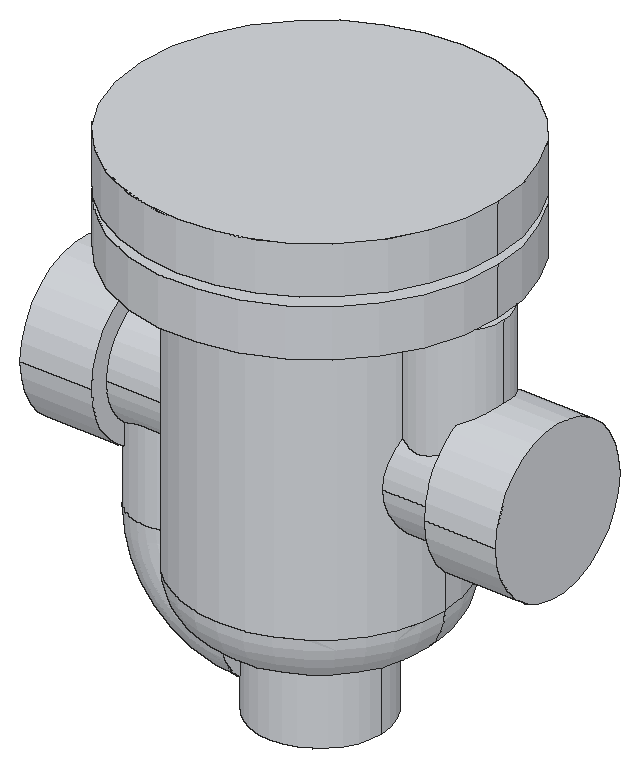
Revit family "KC FP Inline Component - PLACEHOLDER", category Pipe Accessories, Revit 2027
Family settings
  Round Connector Dimension = Use Radius
  Part Type = Valve - Breaks Into
  Work Plane-Based = No
  Always vertical = Yes
  Cut with Voids When Loaded = No
  Shared = No
Parameters (values of type "CV - Control valve 1-1/4in (locked open/supervised)")
  Type Comments = "PLACEHOLDER - NFPA 13D control valve; lock or supervision per AHJ"
  Socket Radius = Socket Diameter / 2  # 0' - 0 13/16"
  Socket Diameter = Nominal Diameter * 1.3  # 0' - 1 5/8"
  Radius 6 = Radius 2 - Radius 1  # 0' - 0 13/16"
  Radius 5 = Radius 2 * 1.1  # 0' - 1.44375"
  Radius 4 = Radius 2 - 0' 0 1/4" - Radius 1  # 0' - 0 9/16"
  Radius 3 = Bucket Diameter / 4  # 0' - 0 21/32"
  Radius 2 = Bucket Diameter / 2  # 0' - 1 5/16"
  Radius 1 = Nominal Radius * 0.8  # 0' - 0 1/2"
  Pressure Drop [instance] = 7.252 psi
  Overall Length = 0' - 5"
  Overall Height = 0' - 5 7/16"
  Nominal Radius = 5/8"
  Nominal Diameter = Nominal Radius * 2  # 1 1/4"
  Length 2 = 0.7071 * Bucket Radius  # 0' - 0.92807"
  Length 1 = Bucket Radius - Radius 4  # 0' - 0 3/4"
  Inverted Bucket Steam Trap Material = none
  Height 1 = (0' 0 1/4" + Radius 1) * 1.1  # 0' - 0.825"
  Default Elevation = 0' - 0"
  Connector Offset = 0' - 2 3/4"
  Bucket Radius = Bucket Diameter / 2  # 0' - 1 5/16"
  Bucket Diameter = Body Diameter * 0.7  # 0' - 2 5/8"
  Body Radius = Body Diameter / 2  # 0' - 1 7/8"
  Body Diameter = 0' - 3 3/4"
Types (9): name | Type Comments | Socket Radius | Socket Diameter | Radius 6 | Radius 5 | Radius 4 | Radius 3 | Radius 2 | Radius 1 | Overall Length | Overall Height | Nominal Radius | Nominal Diameter | Length 2 | Length 1 | Height 1 | Connector Offset | Bucket Radius | Bucket Diameter | Body Radius | Body Diameter
  CV - Control valve 1-1/4in (locked open/supervised) | "PLACEHOLDER - NFPA 13D control valve; lock or supervision per AHJ" | 0' - 0 13/16" | 0' - 1 5/8" | 0' - 0 13/16" | 0' - 1.44375" | 0' - 0 9/16" | 0' - 0 21/32" | 0' - 1 5/16" | 0' - 0 1/2" | 0' - 5" | 0' - 5 7/16" | 5/8" | 1 1/4" | 0' - 0.92807" | 0' - 0 3/4" | 0' - 0.825" | 0' - 2 3/4" | 0' - 1 5/16" | 0' - 2 5/8" | 0' - 1 7/8" | 0' - 3 3/4"
  BFP - Backflow preventer 1-1/4in dual check | "PLACEHOLDER - CSA B64.10 / BCPC; DuC vs DCVA per municipality" | 0' - 0 13/16" | 0' - 1 5/8" | 0' - 0 13/16" | 0' - 1.44375" | 0' - 0 9/16" | 0' - 0 21/32" | 0' - 1 5/16" | 0' - 0 1/2" | 0' - 5" | 0' - 5 7/16" | 5/8" | 1 1/4" | 0' - 0.92807" | 0' - 0 3/4" | 0' - 0.825" | 0' - 2 3/4" | 0' - 1 5/16" | 0' - 2 5/8" | 0' - 1 7/8" | 0' - 3 3/4"
  PG - Pressure gauge 1-1/4in | "PLACEHOLDER - NFPA 13D pressure gauge" | 0' - 0 13/16" | 0' - 1 5/8" | 0' - 0 13/16" | 0' - 1.44375" | 0' - 0 9/16" | 0' - 0 21/32" | 0' - 1 5/16" | 0' - 0 1/2" | 0' - 5" | 0' - 5 7/16" | 5/8" | 1 1/4" | 0' - 0.92807" | 0' - 0 3/4" | 0' - 0.825" | 0' - 2 3/4" | 0' - 1 5/16" | 0' - 2 5/8" | 0' - 1 7/8" | 0' - 3 3/4"
  FS - Waterflow switch 1-1/4in | "PLACEHOLDER - flow switch; interconnect to smoke alarms per AHJ" | 0' - 0 13/16" | 0' - 1 5/8" | 0' - 0 13/16" | 0' - 1.44375" | 0' - 0 9/16" | 0' - 0 21/32" | 0' - 1 5/16" | 0' - 0 1/2" | 0' - 5" | 0' - 5 7/16" | 5/8" | 1 1/4" | 0' - 0.92807" | 0' - 0 3/4" | 0' - 0.825" | 0' - 2 3/4" | 0' - 1 5/16" | 0' - 2 5/8" | 0' - 1 7/8" | 0' - 3 3/4"
  CKV - Check valve 1-1/2in spring (DCW) | "PLACEHOLDER - spring check valve, 1-1/2in, flow upward" | 0' - 0.975" | 0' - 1.95" | 0' - 0.45" | 0' - 1.155" | 0' - 0.2" | 0' - 0.525" | 0' - 1.05" | 0' - 0.6" | 0' - 5" | 0' - 4" | 3/4" | 1 1/2" | 0' - 0.74245" | 0' - 0.85" | 0' - 0.935" | 0' - 2 1/2" | 0' - 1.05" | 0' - 2.1" | 0' - 1 1/2" | 0' - 3"
  BV - Ball valve 1-1/2in full port (DCW) | "PLACEHOLDER - full-port ball valve, 1-1/2in" | 0' - 0.975" | 0' - 1.95" | 0' - 0.45" | 0' - 1.155" | 0' - 0.2" | 0' - 0.525" | 0' - 1.05" | 0' - 0.6" | 0' - 4" | 0' - 4" | 3/4" | 1 1/2" | 0' - 0.74245" | 0' - 0.85" | 0' - 0.935" | 0' - 2" | 0' - 1.05" | 0' - 2.1" | 0' - 1 1/2" | 0' - 3"
  CP-01 Condensate pump 120V - PLACEHOLDER | "PLACEHOLDER - HRV condensate pump (e.g. 120 V mini pump with safety switch); plugs into REC-HRV; replace with manufacturer family." | 0' - 0.325" | 0' - 0.65" | 0' - 1.2" | 0' - 1.54" | 0' - 0.95" | 0' - 0.7" | 0' - 1.4" | 0' - 0.2" | 0' - 6" | 0' - 6" | 1/4" | 1/2" | 0' - 0.98994" | 0' - 0.45" | 0' - 0.495" | 0' - 3" | 0' - 1.4" | 0' - 2.8" | 0' - 2" | 0' - 4"
  TPV - T&P relief valve 3/4in, 150 psi / 99 C (CSA 4.4 / ANSI Z21.22) - PLACEHOLDER | "PLACEHOLDER - NFPA 13D control valve; lock or supervision per AHJ" | 0' - 0.4875" | 0' - 0.975" | 0' - 0.575" | 0' - 0.9625" | 0' - 0.325" | 0' - 0 7/16" | 0' - 0 7/8" | 0' - 0.3" | 0' - 3 1/2" | 0' - 4" | 3/8" | 3/4" | 0' - 0.61871" | 0' - 0.55" | 0' - 0.605" | 0' - 1 3/4" | 0' - 0 7/8" | 0' - 1 3/4" | 0' - 1 1/4" | 0' - 2 1/2"
  DT - Drain and test valve 1-1/4in (1in drain) | "PLACEHOLDER - NFPA 13D drain & test; discharge to floor drain with air gap" | 0' - 0 13/16" | 0' - 1 5/8" | 0' - 0 13/16" | 0' - 1.44375" | 0' - 0 9/16" | 0' - 0 21/32" | 0' - 1 5/16" | 0' - 0 1/2" | 0' - 5" | 0' - 5 7/16" | 5/8" | 1 1/4" | 0' - 0.92807" | 0' - 0 3/4" | 0' - 0.825" | 0' - 2 3/4" | 0' - 1 5/16" | 0' - 2 5/8" | 0' - 1 7/8" | 0' - 3 3/4"
Reference planes (in)
  plane 1 "Center (Front/Back)": y = 0
  plane 2: z = 0
  plane 3 "Center (Left/Right)": x = 0
  plane 4: z = -2.75
  plane 5: z = -1.925
  plane 6: z = -1.3625
  plane 7: z = 2.6875
  plane 8: z = 2.1875
  plane 9: z = 2.09375
  plane 10: z = 1.59375
  plane 11: x = -1.3125
  plane 12: x = 1.3125
  plane 13: x = 0.75
  plane 14: z = -1.30625
  plane 15: x = -1.4375
  plane 16: x = -0.625
  plane 17: x = -2.5
  plane 18: x = 2.5
  plane 19: x = -1.75
  plane 20: x = 1.75
  plane 21: x = 1.4375
  plane 22: x = -0.92807
  plane 23: x = 0.92807
Forms (in)
  Extrusion 1, solid, material <- "Inverted Bucket Steam Trap Material", detail levels fine
    sketch origin (0, 0, 0) x (1, 0, 0) y (0, 1, 0)
      loop
        circle (0, 0) r 1.3125
    from -1.3625 to 1.59375
  Revolve 2, solid, material <- "Inverted Bucket Steam Trap Material", detail levels fine
    sketch origin (0, 0, 0) x (1, 0, 0) y (0, 0, 1)
      loop
        line (0, -1.925) -> (0.75, -1.925)
        arc (0.75, -1.925) -> (1.14775, -1.76025) -> (1.3125, -1.3625) r 0.5625
        line (1.3125, -1.3625) -> (0, -1.3625) -> (0, -1.925)
      axis (0, -1.925) -> (0, -1.3625)
    angle from 0 to 360
  Extrusion 3, solid, material <- "Inverted Bucket Steam Trap Material", detail levels fine
    sketch origin (0, 0, 0) x (1, 0, 0) y (0, 1, 0)
      loop
        circle (0, 0) r 0.65625
    from -2.75 to -1.3625
  Sweep 4, solid, material <- "Inverted Bucket Steam Trap Material", detail levels fine
    path in 3D
      loop
        arc (-1.4375, 0, -1.30625) -> (-1.19952, 0, -1.88077) -> (-0.625, 0, -2.11875) r 0.8125
    profile origin (-1.19952, 0, -1.88077) x (0.707107, 0, 0.707107) y (0, -1, 0)
      loop
        circle (0, 0) r 0.5
  Extrusion 5, solid, material <- "Inverted Bucket Steam Trap Material", detail levels fine
    sketch origin (0, 0, 0) x (1, 0, 0) y (0, 1, 0)
      loop
        circle (-1.4375, 0) r 0.5
    from -1.30625 to 0
  Extrusion 6, solid, material <- "Inverted Bucket Steam Trap Material", detail levels fine
    sketch origin (0, 0, 0) x (0, 1, 0) y (0, 0, 1)
      loop
        circle (0, 0) r 0.625
    from -1.75 to 1.75
  Extrusion 7, solid, material <- "Inverted Bucket Steam Trap Material", detail levels fine
    sketch origin (0, 0, 0) x (0, 1, 0) y (0, 0, 1)
      loop
        circle (0, 0) r 0.8125
    from 1.75 to 2.5
  Extrusion 8, solid, material <- "Inverted Bucket Steam Trap Material", detail levels fine
    sketch origin (0, 0, 0) x (0, 1, 0) y (0, 0, 1)
      loop
        circle (0, 0) r 0.8125
    from -2.5 to -1.75
  Extrusion 9, solid, material <- "Inverted Bucket Steam Trap Material", detail levels fine
    sketch origin (0, 0, 0) x (1, 0, 0) y (0, 1, 0)
      loop
        circle (0, 0) r 1.875
    from 2.1875 to 2.6875
  Extrusion 10, solid, material <- "Inverted Bucket Steam Trap Material", detail levels fine
    sketch origin (0, 0, 0) x (1, 0, 0) y (0, 1, 0)
      loop
        circle (0, 0) r 1.875
    from 2.09375 to 1.59375
  Extrusion 11, solid, material <- "Inverted Bucket Steam Trap Material", detail levels fine
    sketch origin (0, 0, 0) x (1, 0, 0) y (0, 1, 0)
      loop
        circle (1.4375, 0) r 0.5
    from 0 to 1.59375
Cuts and joins
  joined: Extrusion 1, Revolve 2, Extrusion 3, Sweep 4, Extrusion 5, Extrusion 6, Extrusion 7, Extrusion 8, Extrusion 9, Extrusion 10, Extrusion 11
Lines and regions (in)
  reference lines
    curve 1: arc (-1.4375, 0, -1.30625) -> (-1.19952, 0, -1.88077) -> (-0.625, 0, -2.11875) r 0.8125
  sketch lines
    curve 2: arc (-1.4375, 0, -1.30625) -> (-1.19952, 0, -1.88077) -> (-0.625, 0, -2.11875) r 0.8125
  model lines, detail levels coarse+medium
    curve 3: line (1.3125, 0, 0) -> (3.3125, 0, 0)
    curve 4: line (-3.3125, 0, 0) -> (-1.3125, 0, 0)
    curve 6: line (0, 0, 0) -> (0.92808, 0.92808, 0)
    curve 7: line (0, 0, 0) -> (-0.92808, -0.92808, 0)
    curve 8: line (0, 0, 0) -> (-0.92808, 0.92808, 0)
    curve 9: line (0, 0, 0) -> (0.92808, -0.92808, 0)
  model lines
    curve 5: circle (0, 0, 0) r 1.3125 normal (0, 0, 1)
Dimensions and locks (in)
  "Connector Offset": plane 2 to plane 4
  "Height 1": plane 5 to plane 4
  "Radius 4": plane 6 to plane 5
  "Overall Height": plane 7 to plane 4
  locked: plane 7 to plane 8 at 0.5
  locked: plane 8 to plane 9 at 0.09375
  locked: plane 9 to plane 10 at 0.5
  "Bucket Radius": plane 3 "Center (Left/Right)" to plane 11
  "Bucket Radius": plane 12 to plane 3 "Center (Left/Right)"
  "Length 1": plane 13 to plane 3 "Center (Left/Right)"
  "Radius 5": plane 14 to plane 4
  locked: plane 11 to plane 15 at 0.125
  "Radius 6": plane 16 to plane 15
  equal spacing: plane 18, plane 3 "Center (Left/Right)", plane 17
  "Overall Length": plane 18 to plane 17
  locked: plane 19 to plane 17 at 0.75
  locked: plane 18 to plane 20 at 0.75
  locked: plane 21 to plane 12 at 0.125
  "Length 2": plane 22 to plane 3 "Center (Left/Right)"
  "Length 2": plane 3 "Center (Left/Right)" to plane 23
  "Bucket Radius": radius of Extrusion 1 sketch curve
  "Radius 4": radius of Revolve 2 sketch curve
  "Radius 3": radius of Extrusion 3 sketch curve
  "Radius 6": radius of curve 1
  "Radius 1": radius of Sweep 4 sketch curve
  "Radius 1": radius of Extrusion 5 sketch curve
  "Nominal Radius": radius of Extrusion 6 sketch curve
  "Socket Radius": radius of Extrusion 7 sketch curve
  "Socket Radius": radius of Extrusion 8 sketch curve
  "Body Radius": radius of Extrusion 9 sketch curve
  "Body Radius": radius of Extrusion 10 sketch curve
  "Radius 1": radius of Extrusion 11 sketch curve
  "Bucket Radius": radius of curve 5
  locked: plane 1 "Center (Front/Back)" to curve 6 (angle 45.00°)
  locked: curve 8 to plane 1 "Center (Front/Back)" (angle 45.00°)
  aligned and locked: plane 1 "Center (Front/Back)" to Extrusion 1 sketch curve
  aligned and locked: plane 3 "Center (Left/Right)" to Extrusion 1 sketch curve
  aligned and locked: Extrusion 1 to plane 6
  aligned and locked: plane 10 to Extrusion 1
  aligned and locked: plane 13 to Revolve 2 sketch curve  (x2)
  aligned and locked: plane 3 "Center (Left/Right)" to Revolve 2 sketch curve  (x3)
  aligned and locked: Revolve 2 sketch curve to plane 6
  aligned and locked: plane 5 to Revolve 2 sketch curve
  aligned and locked: plane 6 to Revolve 2 sketch curve
  aligned and locked: plane 1 "Center (Front/Back)" to Extrusion 3 sketch curve
  aligned and locked: plane 3 "Center (Left/Right)" to Extrusion 3 sketch curve
  aligned and locked: Extrusion 3 to plane 4
  aligned and locked: plane 6 to Extrusion 3
  aligned and locked: plane 14 to curve 1
  aligned and locked: plane 16 to curve 1
  aligned and locked: plane 1 "Center (Front/Back)" to Sweep 4 sketch curve
  aligned and locked: plane 1 "Center (Front/Back)" to Extrusion 5 sketch curve
  aligned and locked: plane 15 to Extrusion 5 sketch curve
  aligned and locked: Extrusion 5 to cut or joined group 1 (Extrusion 1, Revolve 2, Extrusion 3, Sweep 4, Extrusion 5, Extrusion 6, Extrusion 7, Extrusion 8, Extrusion 9, Extrusion 10, Extrusion 11)
  aligned and locked: plane 2 to Extrusion 5
  aligned and locked: plane 2 to Extrusion 6 sketch curve
  aligned and locked: plane 1 "Center (Front/Back)" to Extrusion 6 sketch curve
  aligned and locked: Extrusion 6 to plane 19
  aligned and locked: plane 20 to Extrusion 6
  aligned and locked: plane 2 to Extrusion 7 sketch curve
  aligned and locked: plane 1 "Center (Front/Back)" to Extrusion 7 sketch curve
  aligned and locked: Extrusion 7 to cut or joined group 1
  aligned and locked: plane 18 to Extrusion 7
  aligned and locked: plane 2 to Extrusion 8 sketch curve
  aligned and locked: plane 1 "Center (Front/Back)" to Extrusion 8 sketch curve
  aligned and locked: Extrusion 8 to plane 17
  aligned and locked: Extrusion 8 to cut or joined group 1
  aligned and locked: plane 1 "Center (Front/Back)" to Extrusion 9 sketch curve
  aligned and locked: plane 3 "Center (Left/Right)" to Extrusion 9 sketch curve
  aligned and locked: Extrusion 9 to plane 8
  aligned and locked: plane 7 to Extrusion 9
  aligned and locked: Extrusion 10 to plane 9
  aligned and locked: Extrusion 10 to plane 10
  aligned and locked: plane 1 "Center (Front/Back)" to Extrusion 11 sketch curve
  aligned and locked: plane 21 to Extrusion 11 sketch curve
  aligned and locked: Extrusion 11 to level
  aligned and locked: plane 10 to Extrusion 11
  aligned and locked: plane 1 "Center (Front/Back)" to curve 3
  aligned and locked: plane 11 to curve 4
  aligned and locked: plane 1 "Center (Front/Back)" to curve 4
Automatic sketch dimensions
  Sweep 4 sketch curve to profile plane = 0' - 0"
  Extrusion 10 sketch curve to plane 1 "Center (Front/Back)" = 0' - 0"
  Extrusion 10 sketch curve to plane 3 "Center (Left/Right)" = 0' - 0"
  curve 6 to plane 1 "Center (Front/Back)" = 0' - 0"
  curve 6 to plane 3 "Center (Left/Right)" = 0' - 0"
  curve 5 to plane 1 "Center (Front/Back)" = 0' - 0"
  curve 4 to plane 17 = 0' - 0 13/16"
  plane 18 to curve 3 = 0' - 0 13/16"
  Revolve 2 sketch curve to level = 0' - 0 1/4"
  level to Revolve 2 sketch curve = 0' - 0 1/2"
Connectors (in)
  piping at (-2.5, 0, 0), diameter 1.25, driven by "Nominal Radius"
    settings: on cut or joined group 1, index 1, connector inside diameter 3/4", connector length 0' - 0", flow factor 0, pipe flow 0 GPM, pressure drop 0.00 psi, fitting loss kfactor 0, connector angle 0.00°, fixture units 0, engagement length 0' - 0", angle of deflection 0.00°, flow configuration 0, flow direction 1, fitting loss method 4, system type 29, joint type 0, gender type 0, connector reference index 2, connector utility 0, adjustable connector no, is connector primary yes, connector description "Condensate In"
  piping at (2.5, 0, 0), diameter 1.25, driven by "Nominal Radius", driven by "Pressure Drop"
    settings: on cut or joined group 1, index 2, connector inside diameter 3/4", connector length 0' - 0", flow factor 0, pipe flow 0 GPM, pressure drop 7.252 psi, fitting loss kfactor 0, connector angle 0.00°, fixture units 0, engagement length 0' - 0", angle of deflection 0.00°, flow configuration 0, flow direction 2, fitting loss method 4, system type 29, joint type 0, gender type 0, connector reference index 1, connector utility 0, adjustable connector no, is connector primary no, connector description "Condensate Out"
